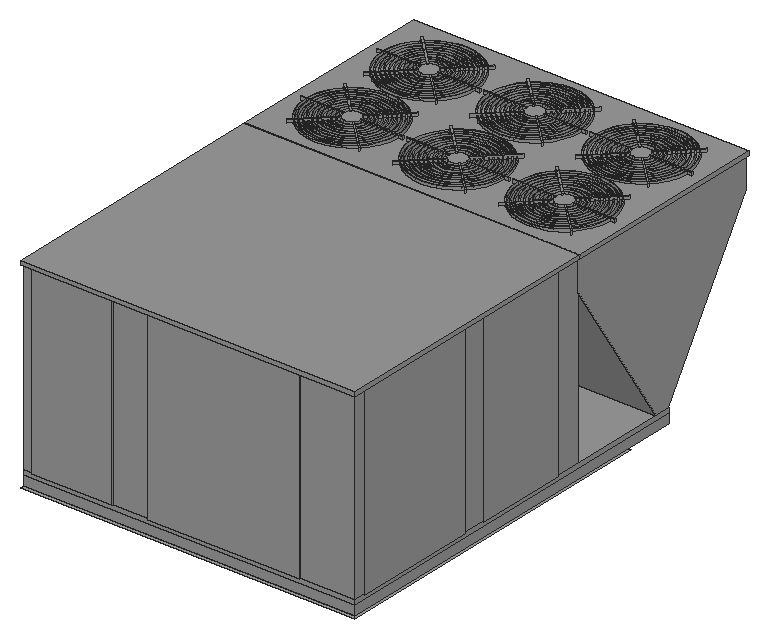
Revit family "RTU-1", category Mechanical Equipment, host Face, Revit 2025
Family settings
  Host = Face
  Round Connector Dimension = Use Diameter
  Classification = None
  Part Type = Normal
  Cut with Voids When Loaded = No
  Maintain Annotation Orientation = Yes
  Shared = No
  Room Calculation Point = No
Parameters (values of type "LCH 240 H4B K 1Y")
  URL = "https://tech.lennoxintl.com/C03e7o14l/VIu12Ch2uV/ehb_lch_cbox_2109.pdf"
  Model = "LCH 240 H4B K 1Y"
  Material = Aluminum 1100-O
  Manufacturer = "LENNOX"
  Grill Material = Steel, Paint Finish, Dark Gray
  Default Elevation = 48"
Reference planes (in)
  plane 1 "Center (Front/Back)": y = 0
  plane 2: z = 0
  plane 3 "Center (Left/Right)": x = 0
  plane 4: z = 45.1875
  plane 5: y = 48.375
  plane 6: x = -30.90625
  plane 7: x = -31.90625
  plane 8: x = -32.90625
  plane 9: x = -33.90625
  plane 10: x = -34.90625
  plane 11: x = -35.90625
  plane 12: x = -36.90625
  plane 13: x = -37.90625
  plane 14: x = -38.90625
  plane 15: x = -39.90625
  plane 16: x = -40.90625
  plane 17: x = -42.34375
  plane 18: x = -41.03125
  plane 19: x = -14.71875
  plane 20: x = -16.03125
  plane 21: through (-28.53125, 37.65625, 55) normal (-0.7071, -0.7071, 0)
  plane 22: through (-28.53125, 37.65625, 55) normal (-0.7071, 0.7071, 0)
  plane 23: through (-28.53125, 37.65625, 55) normal (0.7071, -0.7071, 0)
  plane 24: through (-28.53125, 37.65625, 55) normal (0.7071, 0.7071, 0)
  plane 25: through (-37.25023, 48.4711, 110.75) normal (0.7071, -0.7071, 0)
  plane 26: through (-37.37008, 46.49508, 110.75) normal (-0.7071, 0.7071, 0)
  plane 27: through (-19.81227, 48.4711, 110.75) normal (0.7071, 0.7071, 0)
  plane 28: through (-19.69242, 46.49508, 110.75) normal (-0.7071, -0.7071, 0)
  plane 29: through (-37.25023, 26.8414, 110.75) normal (-0.7071, -0.7071, 0)
  plane 30: through (-37.37008, 28.81742, 110.75) normal (0.7071, 0.7071, 0)
  plane 31: through (-19.81227, 26.8414, 110.75) normal (-0.7071, 0.7071, 0)
  plane 32: through (-19.69242, 28.81742, 110.75) normal (0.7071, -0.7071, 0)
  plane 33: x = -30.90625
  plane 34: x = -31.90625
  plane 35: x = -32.90625
  plane 36: x = -33.90625
  plane 37: x = -34.90625
  plane 38: x = -35.90625
  plane 39: x = -36.90625
  plane 40: x = -37.90625
  plane 41: x = -38.90625
  plane 42: x = -39.90625
  plane 43: x = -40.90625
  plane 44: x = -42.34375
  plane 45: x = -41.03125
  plane 46: x = -14.71875
  plane 47: x = -16.03125
  plane 48: through (-37.25023, 48.4711, 110.75) normal (0.7071, -0.7071, 0)
  plane 49: through (-37.37008, 46.49508, 110.75) normal (-0.7071, 0.7071, 0)
  plane 50: through (-19.81227, 48.4711, 110.75) normal (0.7071, 0.7071, 0)
  plane 51: through (-19.69242, 46.49508, 110.75) normal (-0.7071, -0.7071, 0)
  plane 52: through (-37.25023, 26.8414, 110.75) normal (-0.7071, -0.7071, 0)
  plane 53: through (-37.37008, 28.81742, 110.75) normal (0.7071, 0.7071, 0)
  plane 54: through (-19.81227, 26.8414, 110.75) normal (-0.7071, 0.7071, 0)
  plane 55: through (-19.69242, 28.81742, 110.75) normal (0.7071, -0.7071, 0)
  plane 56: x = -2.375
  plane 57: x = -3.375
  plane 58: x = -4.375
  plane 59: x = -5.375
  plane 60: x = -6.375
  plane 61: x = -7.375
  plane 62: x = -8.375
  plane 63: x = -9.375
  plane 64: x = -10.375
  plane 65: x = -11.375
  plane 66: x = -12.375
  plane 67: x = -13.8125
  plane 68: x = -12.5
  plane 69: x = 13.8125
  plane 70: x = 12.5
  plane 71: through (-8.71898, 48.4711, 110.75) normal (0.7071, -0.7071, 0)
  plane 72: through (-8.83883, 46.49508, 110.75) normal (-0.7071, 0.7071, 0)
  plane 73: through (8.71898, 48.4711, 110.75) normal (0.7071, 0.7071, 0)
  plane 74: through (8.83883, 46.49508, 110.75) normal (-0.7071, -0.7071, 0)
  plane 75: through (-8.71898, 26.8414, 110.75) normal (-0.7071, -0.7071, 0)
  plane 76: through (-8.83883, 28.81742, 110.75) normal (0.7071, 0.7071, 0)
  plane 77: through (8.71898, 26.8414, 110.75) normal (-0.7071, 0.7071, 0)
  plane 78: through (8.83883, 28.81742, 110.75) normal (0.7071, -0.7071, 0)
  plane 79: x = 26.15625
  plane 80: x = 25.15625
  plane 81: x = 24.15625
  plane 82: x = 23.15625
  plane 83: x = 22.15625
  plane 84: x = 21.15625
  plane 85: x = 20.15625
  plane 86: x = 19.15625
  plane 87: x = 18.15625
  plane 88: x = 17.15625
  plane 89: x = 16.15625
  plane 90: x = 14.71875
  plane 91: x = 16.03125
  plane 92: x = 42.34375
  plane 93: x = 41.03125
  plane 94: through (19.81227, 48.4711, 110.75) normal (0.7071, -0.7071, 0)
  plane 95: through (19.69242, 46.49508, 110.75) normal (-0.7071, 0.7071, 0)
  plane 96: through (37.25023, 48.4711, 110.75) normal (0.7071, 0.7071, 0)
  plane 97: through (37.37008, 46.49508, 110.75) normal (-0.7071, -0.7071, 0)
  plane 98: through (19.81227, 26.8414, 110.75) normal (-0.7071, -0.7071, 0)
  plane 99: through (19.69242, 28.81742, 110.75) normal (0.7071, 0.7071, 0)
  plane 100: through (37.25023, 26.8414, 110.75) normal (-0.7071, 0.7071, 0)
  plane 101: through (37.37008, 28.81742, 110.75) normal (0.7071, -0.7071, 0)
  plane 102: y = 52.625
  plane 103: y = 50.5
  plane 104: y = 22.25
  plane 105: y = 78.9375
  plane 106: y = 50.59375
  plane 107: x = -30.90625
  plane 108: x = -31.90625
  plane 109: x = -32.90625
  plane 110: x = -33.90625
  plane 111: x = -34.90625
  plane 112: x = -35.90625
  plane 113: x = -36.90625
  plane 114: x = -37.90625
  plane 115: x = -38.90625
  plane 116: x = -39.90625
  plane 117: x = -40.90625
  plane 118: x = -42.34375
  plane 119: x = -41.03125
  plane 120: x = -14.71875
  plane 121: x = -16.03125
  plane 122: through (-37.25023, 52.7164, 110.75) normal (-0.7071, -0.7071, 0)
  plane 123: through (-37.37008, 54.69242, 110.75) normal (0.7071, 0.7071, 0)
  plane 124: through (-19.81227, 52.7164, 110.75) normal (-0.7071, 0.7071, 0)
  plane 125: through (-19.69242, 54.69242, 110.75) normal (0.7071, -0.7071, 0)
  plane 126: through (-37.25023, 74.3461, 110.75) normal (0.7071, -0.7071, 0)
  plane 127: through (-37.37008, 72.37008, 110.75) normal (-0.7071, 0.7071, 0)
  plane 128: through (-19.81227, 74.3461, 110.75) normal (0.7071, 0.7071, 0)
  plane 129: through (-19.69242, 72.37008, 110.75) normal (-0.7071, -0.7071, 0)
  plane 130: x = -2.375
  plane 131: x = -3.375
  plane 132: x = -4.375
  plane 133: x = -5.375
  plane 134: x = -6.375
  plane 135: x = -7.375
  plane 136: x = -8.375
  plane 137: x = -9.375
  plane 138: x = -10.375
  plane 139: x = -11.375
  plane 140: x = -12.375
  plane 141: x = -13.8125
  plane 142: x = -12.5
  plane 143: x = 13.8125
  plane 144: x = 12.5
  plane 145: through (-8.71898, 52.7164, 110.75) normal (-0.7071, -0.7071, 0)
  plane 146: through (-8.83883, 54.69242, 110.75) normal (0.7071, 0.7071, 0)
  plane 147: through (8.71898, 52.7164, 110.75) normal (-0.7071, 0.7071, 0)
  plane 148: through (8.83883, 54.69242, 110.75) normal (0.7071, -0.7071, 0)
  plane 149: through (-8.71898, 74.3461, 110.75) normal (0.7071, -0.7071, 0)
  plane 150: through (-8.83883, 72.37008, 110.75) normal (-0.7071, 0.7071, 0)
  plane 151: through (8.71898, 74.3461, 110.75) normal (0.7071, 0.7071, 0)
  plane 152: through (8.83883, 72.37008, 110.75) normal (-0.7071, -0.7071, 0)
  plane 153: x = 26.15625
  plane 154: x = 25.15625
  plane 155: x = 24.15625
  plane 156: x = 23.15625
  plane 157: x = 22.15625
  plane 158: x = 21.15625
  plane 159: x = 20.15625
  plane 160: x = 19.15625
  plane 161: x = 18.15625
  plane 162: x = 17.15625
  plane 163: x = 16.15625
  plane 164: x = 14.71875
  plane 165: x = 16.03125
  plane 166: x = 42.34375
  plane 167: x = 41.03125
  plane 168: through (19.81227, 52.7164, 110.75) normal (-0.7071, -0.7071, 0)
  plane 169: through (19.69242, 54.69242, 110.75) normal (0.7071, 0.7071, 0)
  plane 170: through (37.25023, 52.7164, 110.75) normal (-0.7071, 0.7071, 0)
  plane 171: through (37.37008, 54.69242, 110.75) normal (0.7071, -0.7071, 0)
  plane 172: through (19.81227, 74.3461, 110.75) normal (0.7071, -0.7071, 0)
  plane 173: through (19.69242, 72.37008, 110.75) normal (-0.7071, 0.7071, 0)
  plane 174: through (37.25023, 74.3461, 110.75) normal (0.7071, 0.7071, 0)
  plane 175: through (37.37008, 72.37008, 110.75) normal (-0.7071, -0.7071, 0)
Forms (in)
  Extrusion 1, solid, material "Aluminum 1100-O" <- "Material"
    sketch origin (0, 0, 0) x (1, 0, 0) y (0, 1, 0)
      loop
        line (-44.5625, 22.25) -> (-44.5625, -52.75) -> (44.5625, -52.75) -> (44.5625, 22.25) -> (-44.5625, 22.25)
    from 4.125 to 53.5625
  Extrusion 2, solid, material "Aluminum 1100-O" <- "Material"
    sketch origin (0, 0, -50.125) x (1, 0, 0) y (0, 1, 0)
      loop
        line (-44.5625, 52.75) -> (-44.5625, -52.75) -> (44.5625, -52.75) -> (44.5625, 52.75) -> (-44.5625, 52.75)
    from 53.0625 to 54.25
  Extrusion 3, solid, material "Aluminum 1100-O" <- "Material"
    sketch origin (0, 0, -51.3125) x (1, 0, 0) y (0, 1, 0)
      loop
        line (-44.5625, 52.75) -> (-44.5625, -52.75) -> (44.5625, -52.75) -> (44.5625, 52.75) -> (-44.5625, 52.75)
    from 51.6875 to 54.25
  Blend 4, solid, material "Aluminum 1100-O" <- "Material"
    base sketch origin (0, 0, 0) x (1, 0, 0) y (0, 1, 0)
      loop
        line (-45.0625, 39.41026) -> (-45.0625, -53.25) -> (45.0625, -53.25) -> (45.0625, 39.41026) -> (-45.0625, 39.41026)
    top sketch origin (0, 0, 0) x (1, 0, 0) y (0, 1, 0)
      loop
        line (-44.5625, 38.91026) -> (-44.5625, -52.75) -> (44.5625, -52.75) -> (44.5625, 38.91026) -> (-44.5625, 38.91026)
    from 0 to 0.375
  Extrusion 5, solid, material "Aluminum 1100-O" <- "Material"
    sketch origin (0, 0, 0) x (0, 1, 0) y (0, 0, 1)
      loop
        line (48.375, 4.125) -> (52.625, 4.125) -> (78.75, 45.1875) -> (78.75, 53.5625) -> (22.25, 53.5625) -> (22.25, 45.1875) -> (48.375, 4.125)
    from -44.5625 to 44.5625
  Extrusion 6, solid, material "Aluminum 1100-O" <- "Material"
    sketch origin (0, 0, 0) x (1, 0, 0) y (0, 1, 0)
      loop
        line (-45.0625, 22.25) -> (-45.0625, -53.25) -> (45.0625, -53.25) -> (45.0625, 22.25) -> (-45.0625, 22.25)
    from 53.5625 to 54.625
  Extrusion 7, solid, material "Aluminum 1100-O" <- "Material"
    sketch origin (0, 75.3125, 0) x (1, 0, 0) y (0, 1, 0)
      loop
        line (-45.0625, 3.625) -> (-45.0625, -53.0625) -> (45.0625, -53.0625) -> (45.0625, 3.625) -> (-45.0625, 3.625)
    from 53.5625 to 54.625
  Extrusion 8, void
    sketch origin (-8.58719, -1.71744, 0) x (1, 0, 0) y (0, 1, 0)
      loop
        circle (8.58719, 39.37369) r 12.5
      loop
        circle (-19.94406, 39.37369) r 12.5
      loop
        circle (37.11844, 39.37369) r 12.5
    from 45.45857 to 54.625
  Extrusion 9, solid, material "Steel, Paint Finish, Dark Gray" <- "Grill Material"
    sketch origin (0, 101.1875, 54.625) x (1, 0, 0) y (0, 1, 0)
      loop
        circle (-28.53125, -63.53125) r 2.375
      loop
        circle (-28.53125, -63.53125) r 3.375
      loop
        circle (-28.53125, -63.53125) r 3.5
      loop
        circle (-28.53125, -63.53125) r 4.375
      loop
        circle (-28.53125, -63.53125) r 5.25
      loop
        circle (-28.53125, -63.53125) r 4.5
      loop
        circle (-28.53125, -63.53125) r 5.375
      loop
        circle (-28.53125, -63.53125) r 6.375
      loop
        circle (-28.53125, -63.53125) r 7.375
      loop
        circle (-28.53125, -63.53125) r 9.375
      loop
        circle (-28.53125, -63.53125) r 10.375
      loop
        circle (-28.53125, -63.53125) r 11.375
      loop
        circle (-28.53125, -63.53125) r 12.375
      loop
        circle (-28.53125, -63.53125) r 12.5
      loop
        circle (-28.53125, -63.53125) r 7.5
      loop
        circle (-28.53125, -63.53125) r 9.5
      loop
        circle (-28.53125, -63.53125) r 10.5
      loop
        circle (-28.53125, -63.53125) r 11.5
      loop
        circle (-28.53125, -63.53125) r 8.375
      loop
        circle (-28.53125, -63.53125) r 8.5
      loop
        circle (-28.53125, -63.53125) r 6.5
    from 0 to 0.625
  Extrusion 10, solid, material "Steel, Paint Finish, Dark Gray" <- "Grill Material"
    sketch origin (0, 101.1875, 55.75) x (1, 0, 0) y (0, 1, 0)
      loop
        line (-42.34375, -63.40625) -> (-42.34375, -63.65625) -> (-30.90296, -63.65625)
        arc (-30.90296, -63.65625) -> (-30.90543, -63.59377) -> (-30.90625, -63.53125) r 2.375
        arc (-30.90625, -63.53125) -> (-30.90543, -63.46873) -> (-30.90296, -63.40625) r 2.375
        line (-30.90296, -63.40625) -> (-42.34375, -63.40625)
    from -1.125 to -0.3427
  Extrusion 11, solid, material "Steel, Paint Finish, Dark Gray" <- "Grill Material"
    sketch origin (-57.0625, 101.1875, 55.75) x (-1, 0, 0) y (0, -1, 0)
      loop
        line (-42.34375, 63.40625) -> (-30.90296, 63.40625)
        arc (-30.90296, 63.40625) -> (-30.90543, 63.46873) -> (-30.90625, 63.53125) r 2.375
        arc (-30.90625, 63.53125) -> (-30.90543, 63.59377) -> (-30.90296, 63.65625) r 2.375
        line (-30.90296, 63.65625) -> (-42.34375, 63.65625) -> (-42.34375, 63.40625)
    from -1.125 to -0.3427
  Extrusion 12, solid, material "Steel, Paint Finish, Dark Gray" <- "Grill Material"
    sketch origin (-34.9836, 92.04212, 55.75) x (0.707107, -0.707107, 0) y (0.707107, 0.707107, 0)
      loop
        line (29.20662, -33.76912) -> (29.20662, -34.01912) -> (40.64741, -34.01912)
        arc (40.64741, -34.01912) -> (40.64494, -33.95664) -> (40.64412, -33.89412) r 2.375
        arc (40.64412, -33.89412) -> (40.64494, -33.8316) -> (40.64741, -33.76912) r 2.375
        line (40.64741, -33.76912) -> (29.20662, -33.76912)
    from -1.125 to -0.3427
  Extrusion 13, solid, material "Steel, Paint Finish, Dark Gray" <- "Grill Material"
    sketch origin (-22.0789, 92.04212, 55.75) x (-0.707107, -0.707107, 0) y (0.707107, -0.707107, 0)
      loop
        line (29.20662, 33.76912) -> (40.64741, 33.76912)
        arc (40.64741, 33.76912) -> (40.64494, 33.8316) -> (40.64412, 33.89412) r 2.375
        arc (40.64412, 33.89412) -> (40.64494, 33.95664) -> (40.64741, 34.01912) r 2.375
        line (40.64741, 34.01912) -> (29.20662, 34.01912) -> (29.20662, 33.76912)
    from -1.125 to -0.3427
  Extrusion 14, solid, material "Steel, Paint Finish, Dark Gray" <- "Grill Material"
    sketch origin (-34.9836, 185.64538, 55.75) x (0.707107, 0.707107, 0) y (-0.707107, 0.707107, 0)
      loop
        line (-113.89412, -109.33162) -> (-102.45333, -109.33162)
        arc (-102.45333, -109.33162) -> (-102.45579, -109.26914) -> (-102.45662, -109.20662) r 2.375
        arc (-102.45662, -109.20662) -> (-102.45579, -109.1441) -> (-102.45333, -109.08162) r 2.375
        line (-102.45333, -109.08162) -> (-113.89412, -109.08162) -> (-113.89412, -109.33162)
    from -1.125 to -0.3427
  Extrusion 15, solid, material "Steel, Paint Finish, Dark Gray" <- "Grill Material"
    sketch origin (-22.0789, 185.64538, 55.75) x (-0.707107, 0.707107, 0) y (-0.707107, -0.707107, 0)
      loop
        line (-113.89412, 109.33162) -> (-113.89412, 109.08162) -> (-102.45333, 109.08162)
        arc (-102.45333, 109.08162) -> (-102.45579, 109.1441) -> (-102.45662, 109.20662) r 2.375
        arc (-102.45662, 109.20662) -> (-102.45579, 109.26914) -> (-102.45333, 109.33162) r 2.375
        line (-102.45333, 109.33162) -> (-113.89412, 109.33162)
    from -1.125 to -0.3427
  Extrusion 16, solid, material "Steel, Paint Finish, Dark Gray" <- "Grill Material", not visible
    sketch origin (0, 101.1875, 54.625) x (1, 0, 0) y (0, 1, 0)
      loop
        circle (-28.53125, -63.53125) r 2.375
      loop
        circle (-28.53125, -63.53125) r 3.375
      loop
        circle (-28.53125, -63.53125) r 3.5
      loop
        circle (-28.53125, -63.53125) r 4.375
      loop
        circle (-28.53125, -63.53125) r 5.25
      loop
        circle (-28.53125, -63.53125) r 4.5
      loop
        circle (-28.53125, -63.53125) r 5.375
      loop
        circle (-28.53125, -63.53125) r 6.375
      loop
        circle (-28.53125, -63.53125) r 7.375
      loop
        circle (-28.53125, -63.53125) r 9.375
      loop
        circle (-28.53125, -63.53125) r 10.375
      loop
        circle (-28.53125, -63.53125) r 11.375
      loop
        circle (-28.53125, -63.53125) r 12.375
      loop
        circle (-28.53125, -63.53125) r 12.5
      loop
        circle (-28.53125, -63.53125) r 7.5
      loop
        circle (-28.53125, -63.53125) r 9.5
      loop
        circle (-28.53125, -63.53125) r 10.5
      loop
        circle (-28.53125, -63.53125) r 11.5
      loop
        circle (-28.53125, -63.53125) r 8.375
      loop
        circle (-28.53125, -63.53125) r 8.5
      loop
        circle (-28.53125, -63.53125) r 6.5
    from 0 to 0.625
  Extrusion 17, solid, material "Steel, Paint Finish, Dark Gray" <- "Grill Material", not visible
    sketch origin (0, 101.1875, 55.75) x (1, 0, 0) y (0, 1, 0)
      loop
        line (-42.34375, -63.40625) -> (-42.34375, -63.65625) -> (-30.90296, -63.65625)
        arc (-30.90296, -63.65625) -> (-30.90543, -63.59377) -> (-30.90625, -63.53125) r 2.375
        arc (-30.90625, -63.53125) -> (-30.90543, -63.46873) -> (-30.90296, -63.40625) r 2.375
        line (-30.90296, -63.40625) -> (-42.34375, -63.40625)
    from -1.125 to -0.3427
  Extrusion 18, solid, material "Steel, Paint Finish, Dark Gray" <- "Grill Material", not visible
    sketch origin (-57.0625, 101.1875, 55.75) x (-1, 0, 0) y (0, -1, 0)
      loop
        line (-42.34375, 63.40625) -> (-30.90296, 63.40625)
        arc (-30.90296, 63.40625) -> (-30.90543, 63.46873) -> (-30.90625, 63.53125) r 2.375
        arc (-30.90625, 63.53125) -> (-30.90543, 63.59377) -> (-30.90296, 63.65625) r 2.375
        line (-30.90296, 63.65625) -> (-42.34375, 63.65625) -> (-42.34375, 63.40625)
    from -1.125 to -0.3427
  Extrusion 19, solid, material "Steel, Paint Finish, Dark Gray" <- "Grill Material", not visible
    sketch origin (-34.9836, 92.04212, 55.75) x (0.707107, -0.707107, 0) y (0.707107, 0.707107, 0)
      loop
        line (29.20662, -33.76912) -> (29.20662, -34.01912) -> (40.64741, -34.01912)
        arc (40.64741, -34.01912) -> (40.64494, -33.95664) -> (40.64412, -33.89412) r 2.375
        arc (40.64412, -33.89412) -> (40.64494, -33.8316) -> (40.64741, -33.76912) r 2.375
        line (40.64741, -33.76912) -> (29.20662, -33.76912)
    from -1.125 to -0.3427
  Extrusion 20, solid, material "Steel, Paint Finish, Dark Gray" <- "Grill Material", not visible
    sketch origin (-22.0789, 92.04212, 55.75) x (-0.707107, -0.707107, 0) y (0.707107, -0.707107, 0)
      loop
        line (29.20662, 33.76912) -> (40.64741, 33.76912)
        arc (40.64741, 33.76912) -> (40.64494, 33.8316) -> (40.64412, 33.89412) r 2.375
        arc (40.64412, 33.89412) -> (40.64494, 33.95664) -> (40.64741, 34.01912) r 2.375
        line (40.64741, 34.01912) -> (29.20662, 34.01912) -> (29.20662, 33.76912)
    from -1.125 to -0.3427
  Extrusion 21, solid, material "Steel, Paint Finish, Dark Gray" <- "Grill Material", not visible
    sketch origin (-34.9836, 185.64538, 55.75) x (0.707107, 0.707107, 0) y (-0.707107, 0.707107, 0)
      loop
        line (-113.89412, -109.33162) -> (-102.45333, -109.33162)
        arc (-102.45333, -109.33162) -> (-102.45579, -109.26914) -> (-102.45662, -109.20662) r 2.375
        arc (-102.45662, -109.20662) -> (-102.45579, -109.1441) -> (-102.45333, -109.08162) r 2.375
        line (-102.45333, -109.08162) -> (-113.89412, -109.08162) -> (-113.89412, -109.33162)
    from -1.125 to -0.3427
  Extrusion 22, solid, material "Steel, Paint Finish, Dark Gray" <- "Grill Material", not visible
    sketch origin (-22.0789, 185.64538, 55.75) x (-0.707107, 0.707107, 0) y (-0.707107, -0.707107, 0)
      loop
        line (-113.89412, 109.33162) -> (-113.89412, 109.08162) -> (-102.45333, 109.08162)
        arc (-102.45333, 109.08162) -> (-102.45579, 109.1441) -> (-102.45662, 109.20662) r 2.375
        arc (-102.45662, 109.20662) -> (-102.45579, 109.26914) -> (-102.45333, 109.33162) r 2.375
        line (-102.45333, 109.33162) -> (-113.89412, 109.33162)
    from -1.125 to -0.3427
  Extrusion 23, solid, material "Steel, Paint Finish, Dark Gray" <- "Grill Material"
    sketch origin (28.53125, 101.1875, 54.625) x (1, 0, 0) y (0, 1, 0)
      loop
        circle (-28.53125, -63.53125) r 2.375
      loop
        circle (-28.53125, -63.53125) r 3.375
      loop
        circle (-28.53125, -63.53125) r 3.5
      loop
        circle (-28.53125, -63.53125) r 4.375
      loop
        circle (-28.53125, -63.53125) r 5.25
      loop
        circle (-28.53125, -63.53125) r 4.5
      loop
        circle (-28.53125, -63.53125) r 5.375
      loop
        circle (-28.53125, -63.53125) r 6.375
      loop
        circle (-28.53125, -63.53125) r 7.375
      loop
        circle (-28.53125, -63.53125) r 9.375
      loop
        circle (-28.53125, -63.53125) r 10.375
      loop
        circle (-28.53125, -63.53125) r 11.375
      loop
        circle (-28.53125, -63.53125) r 12.375
      loop
        circle (-28.53125, -63.53125) r 12.5
      loop
        circle (-28.53125, -63.53125) r 7.5
      loop
        circle (-28.53125, -63.53125) r 9.5
      loop
        circle (-28.53125, -63.53125) r 10.5
      loop
        circle (-28.53125, -63.53125) r 11.5
      loop
        circle (-28.53125, -63.53125) r 8.375
      loop
        circle (-28.53125, -63.53125) r 8.5
      loop
        circle (-28.53125, -63.53125) r 6.5
    from 0 to 0.625
  Extrusion 24, solid, material "Steel, Paint Finish, Dark Gray" <- "Grill Material"
    sketch origin (28.53125, 101.1875, 55.75) x (1, 0, 0) y (0, 1, 0)
      loop
        line (-42.34375, -63.40625) -> (-42.34375, -63.65625) -> (-30.90296, -63.65625)
        arc (-30.90296, -63.65625) -> (-30.90543, -63.59377) -> (-30.90625, -63.53125) r 2.375
        arc (-30.90625, -63.53125) -> (-30.90543, -63.46873) -> (-30.90296, -63.40625) r 2.375
        line (-30.90296, -63.40625) -> (-42.34375, -63.40625)
    from -1.125 to -0.3427
  Extrusion 25, solid, material "Steel, Paint Finish, Dark Gray" <- "Grill Material"
    sketch origin (-28.53125, 101.1875, 55.75) x (-1, 0, 0) y (0, -1, 0)
      loop
        line (-42.34375, 63.40625) -> (-30.90296, 63.40625)
        arc (-30.90296, 63.40625) -> (-30.90543, 63.46873) -> (-30.90625, 63.53125) r 2.375
        arc (-30.90625, 63.53125) -> (-30.90543, 63.59377) -> (-30.90296, 63.65625) r 2.375
        line (-30.90296, 63.65625) -> (-42.34375, 63.65625) -> (-42.34375, 63.40625)
    from -1.125 to -0.3427
  Extrusion 26, solid, material "Steel, Paint Finish, Dark Gray" <- "Grill Material"
    sketch origin (-6.45235, 92.04212, 55.75) x (0.707107, -0.707107, 0) y (0.707107, 0.707107, 0)
      loop
        line (29.20662, -33.76912) -> (29.20662, -34.01912) -> (40.64741, -34.01912)
        arc (40.64741, -34.01912) -> (40.64494, -33.95664) -> (40.64412, -33.89412) r 2.375
        arc (40.64412, -33.89412) -> (40.64494, -33.8316) -> (40.64741, -33.76912) r 2.375
        line (40.64741, -33.76912) -> (29.20662, -33.76912)
    from -1.125 to -0.3427
  Extrusion 27, solid, material "Steel, Paint Finish, Dark Gray" <- "Grill Material"
    sketch origin (6.45235, 92.04212, 55.75) x (-0.707107, -0.707107, 0) y (0.707107, -0.707107, 0)
      loop
        line (29.20662, 33.76912) -> (40.64741, 33.76912)
        arc (40.64741, 33.76912) -> (40.64494, 33.8316) -> (40.64412, 33.89412) r 2.375
        arc (40.64412, 33.89412) -> (40.64494, 33.95664) -> (40.64741, 34.01912) r 2.375
        line (40.64741, 34.01912) -> (29.20662, 34.01912) -> (29.20662, 33.76912)
    from -1.125 to -0.3427
  Extrusion 28, solid, material "Steel, Paint Finish, Dark Gray" <- "Grill Material"
    sketch origin (-6.45235, 185.64538, 55.75) x (0.707107, 0.707107, 0) y (-0.707107, 0.707107, 0)
      loop
        line (-113.89412, -109.33162) -> (-102.45333, -109.33162)
        arc (-102.45333, -109.33162) -> (-102.45579, -109.26914) -> (-102.45662, -109.20662) r 2.375
        arc (-102.45662, -109.20662) -> (-102.45579, -109.1441) -> (-102.45333, -109.08162) r 2.375
        line (-102.45333, -109.08162) -> (-113.89412, -109.08162) -> (-113.89412, -109.33162)
    from -1.125 to -0.3427
  Extrusion 29, solid, material "Steel, Paint Finish, Dark Gray" <- "Grill Material"
    sketch origin (6.45235, 185.64538, 55.75) x (-0.707107, 0.707107, 0) y (-0.707107, -0.707107, 0)
      loop
        line (-113.89412, 109.33162) -> (-113.89412, 109.08162) -> (-102.45333, 109.08162)
        arc (-102.45333, 109.08162) -> (-102.45579, 109.1441) -> (-102.45662, 109.20662) r 2.375
        arc (-102.45662, 109.20662) -> (-102.45579, 109.26914) -> (-102.45333, 109.33162) r 2.375
        line (-102.45333, 109.33162) -> (-113.89412, 109.33162)
    from -1.125 to -0.3427
  Extrusion 30, solid, material "Steel, Paint Finish, Dark Gray" <- "Grill Material"
    sketch origin (57.0625, 0, 54.625) x (1, 0, 0) y (0, 1, 0)
      loop
        circle (-28.53125, 37.65625) r 2.375
      loop
        circle (-28.53125, 37.65625) r 3.375
      loop
        circle (-28.53125, 37.65625) r 3.5
      loop
        circle (-28.53125, 37.65625) r 4.375
      loop
        circle (-28.53125, 37.65625) r 5.25
      loop
        circle (-28.53125, 37.65625) r 4.5
      loop
        circle (-28.53125, 37.65625) r 5.375
      loop
        circle (-28.53125, 37.65625) r 6.375
      loop
        circle (-28.53125, 37.65625) r 7.375
      loop
        circle (-28.53125, 37.65625) r 9.375
      loop
        circle (-28.53125, 37.65625) r 10.375
      loop
        circle (-28.53125, 37.65625) r 11.375
      loop
        circle (-28.53125, 37.65625) r 12.375
      loop
        circle (-28.53125, 37.65625) r 12.5
      loop
        circle (-28.53125, 37.65625) r 7.5
      loop
        circle (-28.53125, 37.65625) r 9.5
      loop
        circle (-28.53125, 37.65625) r 10.5
      loop
        circle (-28.53125, 37.65625) r 11.5
      loop
        circle (-28.53125, 37.65625) r 8.375
      loop
        circle (-28.53125, 37.65625) r 8.5
      loop
        circle (-28.53125, 37.65625) r 6.5
    from 0 to 0.625
  Extrusion 31, solid, material "Steel, Paint Finish, Dark Gray" <- "Grill Material"
    sketch origin (57.0625, 0, 55.75) x (1, 0, 0) y (0, 1, 0)
      loop
        line (-42.34375, 37.78125) -> (-42.34375, 37.53125) -> (-30.90296, 37.53125)
        arc (-30.90296, 37.53125) -> (-30.90543, 37.59373) -> (-30.90625, 37.65625) r 2.375
        arc (-30.90625, 37.65625) -> (-30.90543, 37.71877) -> (-30.90296, 37.78125) r 2.375
        line (-30.90296, 37.78125) -> (-42.34375, 37.78125)
    from -1.125 to -0.3427
  Extrusion 32, solid, material "Steel, Paint Finish, Dark Gray" <- "Grill Material"
    sketch origin (0, 0, 55.75) x (-1, 0, 0) y (0, -1, 0)
      loop
        line (-42.34375, -37.78125) -> (-30.90296, -37.78125)
        arc (-30.90296, -37.78125) -> (-30.90543, -37.71877) -> (-30.90625, -37.65625) r 2.375
        arc (-30.90625, -37.65625) -> (-30.90543, -37.59373) -> (-30.90296, -37.53125) r 2.375
        line (-30.90296, -37.53125) -> (-42.34375, -37.53125) -> (-42.34375, -37.78125)
    from -1.125 to -0.3427
  Extrusion 33, solid, material "Steel, Paint Finish, Dark Gray" <- "Grill Material"
    sketch origin (22.0789, -9.14538, 55.75) x (0.707107, -0.707107, 0) y (0.707107, 0.707107, 0)
      loop
        line (-42.34375, 37.78125) -> (-42.34375, 37.53125) -> (-30.90296, 37.53125)
        arc (-30.90296, 37.53125) -> (-30.90543, 37.59373) -> (-30.90625, 37.65625) r 2.375
        arc (-30.90625, 37.65625) -> (-30.90543, 37.71877) -> (-30.90296, 37.78125) r 2.375
        line (-30.90296, 37.78125) -> (-42.34375, 37.78125)
    from -1.125 to -0.3427
  Extrusion 34, solid, material "Steel, Paint Finish, Dark Gray" <- "Grill Material"
    sketch origin (34.9836, -9.14538, 55.75) x (-0.707107, -0.707107, 0) y (0.707107, -0.707107, 0)
      loop
        line (-42.34375, -37.78125) -> (-30.90296, -37.78125)
        arc (-30.90296, -37.78125) -> (-30.90543, -37.71877) -> (-30.90625, -37.65625) r 2.375
        arc (-30.90625, -37.65625) -> (-30.90543, -37.59373) -> (-30.90296, -37.53125) r 2.375
        line (-30.90296, -37.53125) -> (-42.34375, -37.53125) -> (-42.34375, -37.78125)
    from -1.125 to -0.3427
  Extrusion 35, solid, material "Steel, Paint Finish, Dark Gray" <- "Grill Material"
    sketch origin (22.0789, 84.45788, 55.75) x (0.707107, 0.707107, 0) y (-0.707107, 0.707107, 0)
      loop
        line (-42.34375, -37.78125) -> (-30.90296, -37.78125)
        arc (-30.90296, -37.78125) -> (-30.90543, -37.71877) -> (-30.90625, -37.65625) r 2.375
        arc (-30.90625, -37.65625) -> (-30.90543, -37.59373) -> (-30.90296, -37.53125) r 2.375
        line (-30.90296, -37.53125) -> (-42.34375, -37.53125) -> (-42.34375, -37.78125)
    from -1.125 to -0.3427
  Extrusion 36, solid, material "Steel, Paint Finish, Dark Gray" <- "Grill Material"
    sketch origin (34.9836, 84.45788, 55.75) x (-0.707107, 0.707107, 0) y (-0.707107, -0.707107, 0)
      loop
        line (-42.34375, 37.78125) -> (-42.34375, 37.53125) -> (-30.90296, 37.53125)
        arc (-30.90296, 37.53125) -> (-30.90543, 37.59373) -> (-30.90625, 37.65625) r 2.375
        arc (-30.90625, 37.65625) -> (-30.90543, 37.71877) -> (-30.90296, 37.78125) r 2.375
        line (-30.90296, 37.78125) -> (-42.34375, 37.78125)
    from -1.125 to -0.3427
  Extrusion 37, void
    sketch origin (0, 0, 0) x (1, 0, 0) y (0, 1, 0)
      loop
        line (-40.8125, 19.625) -> (-40.8125, -40.875) -> (-19.44507, -40.875) -> (-19.44507, 19.625) -> (-40.8125, 19.625)
      loop
        line (-1.44507, -12.875) -> (-1.44507, -40.875) -> (18.55493, -40.875) -> (18.55493, -12.875) -> (-1.44507, -12.875)
      loop
        line (-1.44507, 19.625) -> (-1.44507, -8.375) -> (18.55493, -8.375) -> (18.55493, 19.625) -> (-1.44507, 19.625)
      loop
        line (33.0625, -44.25) -> (33.0625, -49.25) -> (41.0625, -49.25) -> (41.0625, -44.25) -> (33.0625, -44.25)
    from 0 to 12
  Extrusion 38, solid, material "Steel, Paint Finish, Dark Gray" <- "Grill Material"
    sketch origin (0, 0, 54.625) x (1, 0, 0) y (0, 1, 0)
      loop
        circle (-28.53125, 63.53125) r 2.375
      loop
        circle (-28.53125, 63.53125) r 3.375
      loop
        circle (-28.53125, 63.53125) r 3.5
      loop
        circle (-28.53125, 63.53125) r 4.375
      loop
        circle (-28.53125, 63.53125) r 5.25
      loop
        circle (-28.53125, 63.53125) r 4.5
      loop
        circle (-28.53125, 63.53125) r 5.375
      loop
        circle (-28.53125, 63.53125) r 6.375
      loop
        circle (-28.53125, 63.53125) r 7.375
      loop
        circle (-28.53125, 63.53125) r 9.375
      loop
        circle (-28.53125, 63.53125) r 10.375
      loop
        circle (-28.53125, 63.53125) r 11.375
      loop
        circle (-28.53125, 63.53125) r 12.375
      loop
        circle (-28.53125, 63.53125) r 12.5
      loop
        circle (-28.53125, 63.53125) r 7.5
      loop
        circle (-28.53125, 63.53125) r 9.5
      loop
        circle (-28.53125, 63.53125) r 10.5
      loop
        circle (-28.53125, 63.53125) r 11.5
      loop
        circle (-28.53125, 63.53125) r 8.375
      loop
        circle (-28.53125, 63.53125) r 8.5
      loop
        circle (-28.53125, 63.53125) r 6.5
    from 0 to 0.625
  Extrusion 39, solid, material "Steel, Paint Finish, Dark Gray" <- "Grill Material"
    sketch origin (0, 0, 55.75) x (1, 0, 0) y (0, 1, 0)
      loop
        line (-42.34375, 63.40625) -> (-30.90296, 63.40625)
        arc (-30.90296, 63.40625) -> (-30.90543, 63.46873) -> (-30.90625, 63.53125) r 2.375
        arc (-30.90625, 63.53125) -> (-30.90543, 63.59377) -> (-30.90296, 63.65625) r 2.375
        line (-30.90296, 63.65625) -> (-42.34375, 63.65625) -> (-42.34375, 63.40625)
    from -1.125 to -0.3427
  Extrusion 40, solid, material "Steel, Paint Finish, Dark Gray" <- "Grill Material"
    sketch origin (-57.0625, 0, 55.75) x (-1, 0, 0) y (0, -1, 0)
      loop
        line (-42.34375, -63.40625) -> (-42.34375, -63.65625) -> (-30.90296, -63.65625)
        arc (-30.90296, -63.65625) -> (-30.90543, -63.59377) -> (-30.90625, -63.53125) r 2.375
        arc (-30.90625, -63.53125) -> (-30.90543, -63.46873) -> (-30.90296, -63.40625) r 2.375
        line (-30.90296, -63.40625) -> (-42.34375, -63.40625)
    from -1.125 to -0.3427
  Extrusion 41, solid, material "Steel, Paint Finish, Dark Gray" <- "Grill Material"
    sketch origin (-34.9836, -9.14538, 55.75) x (0.707107, -0.707107, 0) y (0.707107, 0.707107, 0)
      loop
        line (-46.70264, 42.14014) -> (-46.70264, 53.58093)
        arc (-46.70264, 53.58093) -> (-46.76512, 53.57846) -> (-46.82764, 53.57764) r 2.375
        arc (-46.82764, 53.57764) -> (-46.89016, 53.57846) -> (-46.95264, 53.58093) r 2.375
        line (-46.95264, 53.58093) -> (-46.95264, 42.14014) -> (-46.70264, 42.14014)
    from -1.125 to -0.3427
  Extrusion 42, solid, material "Steel, Paint Finish, Dark Gray" <- "Grill Material"
    sketch origin (-22.0789, -9.14538, 55.75) x (-0.707107, -0.707107, 0) y (0.707107, -0.707107, 0)
      loop
        line (-46.70264, -42.14014) -> (-46.95264, -42.14014) -> (-46.95264, -53.58093)
        arc (-46.95264, -53.58093) -> (-46.89016, -53.57846) -> (-46.82764, -53.57764) r 2.375
        arc (-46.82764, -53.57764) -> (-46.76512, -53.57846) -> (-46.70264, -53.58093) r 2.375
        line (-46.70264, -53.58093) -> (-46.70264, -42.14014)
    from -1.125 to -0.3427
  Extrusion 43, solid, material "Steel, Paint Finish, Dark Gray" <- "Grill Material"
    sketch origin (-34.9836, 84.45788, 55.75) x (0.707107, 0.707107, 0) y (-0.707107, 0.707107, 0)
      loop
        line (-10.10986, -5.54736) -> (-10.35986, -5.54736) -> (-10.35986, -16.98815)
        arc (-10.35986, -16.98815) -> (-10.29738, -16.98569) -> (-10.23486, -16.98486) r 2.375
        arc (-10.23486, -16.98486) -> (-10.17234, -16.98569) -> (-10.10986, -16.98815) r 2.375
        line (-10.10986, -16.98815) -> (-10.10986, -5.54736)
    from -1.125 to -0.3427
  Extrusion 44, solid, material "Steel, Paint Finish, Dark Gray" <- "Grill Material"
    sketch origin (-22.0789, 84.45788, 55.75) x (-0.707107, 0.707107, 0) y (-0.707107, -0.707107, 0)
      loop
        line (-10.10986, 5.54736) -> (-10.10986, 16.98815)
        arc (-10.10986, 16.98815) -> (-10.17234, 16.98569) -> (-10.23486, 16.98486) r 2.375
        arc (-10.23486, 16.98486) -> (-10.29738, 16.98569) -> (-10.35986, 16.98815) r 2.375
        line (-10.35986, 16.98815) -> (-10.35986, 5.54736) -> (-10.10986, 5.54736)
    from -1.125 to -0.3427
  Extrusion 45, solid, material "Steel, Paint Finish, Dark Gray" <- "Grill Material"
    sketch origin (28.53125, 0, 54.625) x (1, 0, 0) y (0, 1, 0)
      loop
        circle (-28.53125, 63.53125) r 2.375
      loop
        circle (-28.53125, 63.53125) r 3.375
      loop
        circle (-28.53125, 63.53125) r 3.5
      loop
        circle (-28.53125, 63.53125) r 4.375
      loop
        circle (-28.53125, 63.53125) r 5.25
      loop
        circle (-28.53125, 63.53125) r 4.5
      loop
        circle (-28.53125, 63.53125) r 5.375
      loop
        circle (-28.53125, 63.53125) r 6.375
      loop
        circle (-28.53125, 63.53125) r 7.375
      loop
        circle (-28.53125, 63.53125) r 9.375
      loop
        circle (-28.53125, 63.53125) r 10.375
      loop
        circle (-28.53125, 63.53125) r 11.375
      loop
        circle (-28.53125, 63.53125) r 12.375
      loop
        circle (-28.53125, 63.53125) r 12.5
      loop
        circle (-28.53125, 63.53125) r 7.5
      loop
        circle (-28.53125, 63.53125) r 9.5
      loop
        circle (-28.53125, 63.53125) r 10.5
      loop
        circle (-28.53125, 63.53125) r 11.5
      loop
        circle (-28.53125, 63.53125) r 8.375
      loop
        circle (-28.53125, 63.53125) r 8.5
      loop
        circle (-28.53125, 63.53125) r 6.5
    from 0 to 0.625
  Extrusion 46, solid, material "Steel, Paint Finish, Dark Gray" <- "Grill Material"
    sketch origin (28.53125, 0, 55.75) x (1, 0, 0) y (0, 1, 0)
      loop
        line (-42.34375, 63.40625) -> (-30.90296, 63.40625)
        arc (-30.90296, 63.40625) -> (-30.90543, 63.46873) -> (-30.90625, 63.53125) r 2.375
        arc (-30.90625, 63.53125) -> (-30.90543, 63.59377) -> (-30.90296, 63.65625) r 2.375
        line (-30.90296, 63.65625) -> (-42.34375, 63.65625) -> (-42.34375, 63.40625)
    from -1.125 to -0.3427
  Extrusion 47, solid, material "Steel, Paint Finish, Dark Gray" <- "Grill Material"
    sketch origin (-28.53125, 0, 55.75) x (-1, 0, 0) y (0, -1, 0)
      loop
        line (-42.34375, -63.40625) -> (-42.34375, -63.65625) -> (-30.90296, -63.65625)
        arc (-30.90296, -63.65625) -> (-30.90543, -63.59377) -> (-30.90625, -63.53125) r 2.375
        arc (-30.90625, -63.53125) -> (-30.90543, -63.46873) -> (-30.90296, -63.40625) r 2.375
        line (-30.90296, -63.40625) -> (-42.34375, -63.40625)
    from -1.125 to -0.3427
  Extrusion 48, solid, material "Steel, Paint Finish, Dark Gray" <- "Grill Material"
    sketch origin (-6.45235, -9.14538, 55.75) x (0.707107, -0.707107, 0) y (0.707107, 0.707107, 0)
      loop
        line (-46.70264, 42.14014) -> (-46.70264, 53.58093)
        arc (-46.70264, 53.58093) -> (-46.76512, 53.57846) -> (-46.82764, 53.57764) r 2.375
        arc (-46.82764, 53.57764) -> (-46.89016, 53.57846) -> (-46.95264, 53.58093) r 2.375
        line (-46.95264, 53.58093) -> (-46.95264, 42.14014) -> (-46.70264, 42.14014)
    from -1.125 to -0.3427
  Extrusion 49, solid, material "Steel, Paint Finish, Dark Gray" <- "Grill Material"
    sketch origin (6.45235, -9.14538, 55.75) x (-0.707107, -0.707107, 0) y (0.707107, -0.707107, 0)
      loop
        line (-46.70264, -42.14014) -> (-46.95264, -42.14014) -> (-46.95264, -53.58093)
        arc (-46.95264, -53.58093) -> (-46.89016, -53.57846) -> (-46.82764, -53.57764) r 2.375
        arc (-46.82764, -53.57764) -> (-46.76512, -53.57846) -> (-46.70264, -53.58093) r 2.375
        line (-46.70264, -53.58093) -> (-46.70264, -42.14014)
    from -1.125 to -0.3427
  Extrusion 50, solid, material "Steel, Paint Finish, Dark Gray" <- "Grill Material"
    sketch origin (-6.45235, 84.45788, 55.75) x (0.707107, 0.707107, 0) y (-0.707107, 0.707107, 0)
      loop
        line (-10.10986, -5.54736) -> (-10.35986, -5.54736) -> (-10.35986, -16.98815)
        arc (-10.35986, -16.98815) -> (-10.29738, -16.98569) -> (-10.23486, -16.98486) r 2.375
        arc (-10.23486, -16.98486) -> (-10.17234, -16.98569) -> (-10.10986, -16.98815) r 2.375
        line (-10.10986, -16.98815) -> (-10.10986, -5.54736)
    from -1.125 to -0.3427
  Extrusion 51, solid, material "Steel, Paint Finish, Dark Gray" <- "Grill Material"
    sketch origin (6.45235, 84.45788, 55.75) x (-0.707107, 0.707107, 0) y (-0.707107, -0.707107, 0)
      loop
        line (-10.10986, 5.54736) -> (-10.10986, 16.98815)
        arc (-10.10986, 16.98815) -> (-10.17234, 16.98569) -> (-10.23486, 16.98486) r 2.375
        arc (-10.23486, 16.98486) -> (-10.29738, 16.98569) -> (-10.35986, 16.98815) r 2.375
        line (-10.35986, 16.98815) -> (-10.35986, 5.54736) -> (-10.10986, 5.54736)
    from -1.125 to -0.3427
  Extrusion 52, solid, material "Steel, Paint Finish, Dark Gray" <- "Grill Material"
    sketch origin (57.0625, 0, 54.625) x (1, 0, 0) y (0, 1, 0)
      loop
        circle (-28.53125, 63.53125) r 2.375
      loop
        circle (-28.53125, 63.53125) r 3.375
      loop
        circle (-28.53125, 63.53125) r 3.5
      loop
        circle (-28.53125, 63.53125) r 4.375
      loop
        circle (-28.53125, 63.53125) r 5.25
      loop
        circle (-28.53125, 63.53125) r 4.5
      loop
        circle (-28.53125, 63.53125) r 5.375
      loop
        circle (-28.53125, 63.53125) r 6.375
      loop
        circle (-28.53125, 63.53125) r 7.375
      loop
        circle (-28.53125, 63.53125) r 9.375
      loop
        circle (-28.53125, 63.53125) r 10.375
      loop
        circle (-28.53125, 63.53125) r 11.375
      loop
        circle (-28.53125, 63.53125) r 12.375
      loop
        circle (-28.53125, 63.53125) r 12.5
      loop
        circle (-28.53125, 63.53125) r 7.5
      loop
        circle (-28.53125, 63.53125) r 9.5
      loop
        circle (-28.53125, 63.53125) r 10.5
      loop
        circle (-28.53125, 63.53125) r 11.5
      loop
        circle (-28.53125, 63.53125) r 8.375
      loop
        circle (-28.53125, 63.53125) r 8.5
      loop
        circle (-28.53125, 63.53125) r 6.5
    from 0 to 0.625
  Extrusion 53, solid, material "Steel, Paint Finish, Dark Gray" <- "Grill Material"
    sketch origin (57.0625, 0, 55.75) x (1, 0, 0) y (0, 1, 0)
      loop
        line (-42.34375, 63.40625) -> (-30.90296, 63.40625)
        arc (-30.90296, 63.40625) -> (-30.90543, 63.46873) -> (-30.90625, 63.53125) r 2.375
        arc (-30.90625, 63.53125) -> (-30.90543, 63.59377) -> (-30.90296, 63.65625) r 2.375
        line (-30.90296, 63.65625) -> (-42.34375, 63.65625) -> (-42.34375, 63.40625)
    from -1.125 to -0.3427
  Extrusion 54, solid, material "Steel, Paint Finish, Dark Gray" <- "Grill Material"
    sketch origin (0, 0, 55.75) x (-1, 0, 0) y (0, -1, 0)
      loop
        line (-42.34375, -63.40625) -> (-42.34375, -63.65625) -> (-30.90296, -63.65625)
        arc (-30.90296, -63.65625) -> (-30.90543, -63.59377) -> (-30.90625, -63.53125) r 2.375
        arc (-30.90625, -63.53125) -> (-30.90543, -63.46873) -> (-30.90296, -63.40625) r 2.375
        line (-30.90296, -63.40625) -> (-42.34375, -63.40625)
    from -1.125 to -0.3427
  Extrusion 55, solid, material "Steel, Paint Finish, Dark Gray" <- "Grill Material"
    sketch origin (22.0789, -9.14538, 55.75) x (0.707107, -0.707107, 0) y (0.707107, 0.707107, 0)
      loop
        line (-46.70264, 42.14014) -> (-46.70264, 53.58093)
        arc (-46.70264, 53.58093) -> (-46.76512, 53.57846) -> (-46.82764, 53.57764) r 2.375
        arc (-46.82764, 53.57764) -> (-46.89016, 53.57846) -> (-46.95264, 53.58093) r 2.375
        line (-46.95264, 53.58093) -> (-46.95264, 42.14014) -> (-46.70264, 42.14014)
    from -1.125 to -0.3427
  Extrusion 56, solid, material "Steel, Paint Finish, Dark Gray" <- "Grill Material"
    sketch origin (34.9836, -9.14538, 55.75) x (-0.707107, -0.707107, 0) y (0.707107, -0.707107, 0)
      loop
        line (-46.70264, -42.14014) -> (-46.95264, -42.14014) -> (-46.95264, -53.58093)
        arc (-46.95264, -53.58093) -> (-46.89016, -53.57846) -> (-46.82764, -53.57764) r 2.375
        arc (-46.82764, -53.57764) -> (-46.76512, -53.57846) -> (-46.70264, -53.58093) r 2.375
        line (-46.70264, -53.58093) -> (-46.70264, -42.14014)
    from -1.125 to -0.3427
  Extrusion 57, solid, material "Steel, Paint Finish, Dark Gray" <- "Grill Material"
    sketch origin (22.0789, 84.45788, 55.75) x (0.707107, 0.707107, 0) y (-0.707107, 0.707107, 0)
      loop
        line (-10.10986, -5.54736) -> (-10.35986, -5.54736) -> (-10.35986, -16.98815)
        arc (-10.35986, -16.98815) -> (-10.29738, -16.98569) -> (-10.23486, -16.98486) r 2.375
        arc (-10.23486, -16.98486) -> (-10.17234, -16.98569) -> (-10.10986, -16.98815) r 2.375
        line (-10.10986, -16.98815) -> (-10.10986, -5.54736)
    from -1.125 to -0.3427
  Extrusion 58, solid, material "Steel, Paint Finish, Dark Gray" <- "Grill Material"
    sketch origin (34.9836, 84.45788, 55.75) x (-0.707107, 0.707107, 0) y (-0.707107, -0.707107, 0)
      loop
        line (-10.10986, 5.54736) -> (-10.10986, 16.98815)
        arc (-10.10986, 16.98815) -> (-10.17234, 16.98569) -> (-10.23486, 16.98486) r 2.375
        arc (-10.23486, 16.98486) -> (-10.29738, 16.98569) -> (-10.35986, 16.98815) r 2.375
        line (-10.35986, 16.98815) -> (-10.35986, 5.54736) -> (-10.10986, 5.54736)
    from -1.125 to -0.3427
Cuts and joins
  Extrusion 8, Extrusion 37 cuts Extrusion 2
  Extrusion 8, Extrusion 37 cuts Extrusion 3
  Extrusion 8, Extrusion 37 cuts Blend 4
  Extrusion 8 cuts Extrusion 5
  Extrusion 8 cuts Extrusion 7
  Extrusion 37 cuts Extrusion 1
Dimensions and locks (in)
  equal spacing: Extrusion 1 sketch curve, plane 3 "Center (Left/Right)", Extrusion 1 sketch curve
  plane 3 "Center (Left/Right)" to Extrusion 1 sketch curve = 44 9/16"
  Extrusion 1 sketch curve to Extrusion 1 sketch curve = 89 1/8"
  plane 1 "Center (Front/Back)" to Extrusion 1 sketch curve = 52 3/4"
  Extrusion 1 sketch curve to Extrusion 1 sketch curve = 75"
  Extrusion 1 to nested 1 = 3 1/8"  (x2)
  nested 1 to nested 2 = 6 3/8"
  Extrusion 2 sketch curve to Extrusion 2 sketch curve = 89 1/8"  (x2)
  Extrusion 2 sketch curve to Extrusion 2 sketch curve = 105 1/2"  (x2)
  Extrusion 3 sketch curve to Extrusion 3 sketch curve = 89 1/8"  (x2)
  Extrusion 3 sketch curve to Extrusion 3 sketch curve = 105 1/2"  (x2)
  nested 1 to nested 1 = 33 1/2"
  cut or joined group of Extrusion 7, Extrusion 8 to cut or joined group of Extrusion 7, Extrusion 8 = 56 11/16"
  Extrusion 6 to Extrusion 37 sketch curve = 4 1/4"
  Extrusion 37 sketch curve to Extrusion 6 = 12 3/8"
  Extrusion 37 sketch curve to Extrusion 37 sketch curve = 60 1/2"
  Extrusion 6 to cut or joined group of Extrusion 7, Extrusion 8 = 132 3/16"
  plane 104 to Extrusion 6 = 75 1/2"
  plane 105 to Extrusion 6 = 132 3/16"
  equal spacing: plane 105, plane 106, plane 104
  aligned and locked: host face to plane 2
  aligned and locked: host face to level
Automatic sketch dimensions
  host sketch curve to host sketch curve = 306.31449"
  host sketch curve to host sketch curve = 326.2252"
  Extrusion 2 sketch curve to plane 3 "Center (Left/Right)" = 44 9/16"
  plane 1 "Center (Front/Back)" to Extrusion 2 sketch curve = 52 3/4"
  Extrusion 3 sketch curve to plane 3 "Center (Left/Right)" = 44 9/16"
  plane 1 "Center (Front/Back)" to Extrusion 3 sketch curve = 52 3/4"
  Blend 4 sketch curve to plane 3 "Center (Left/Right)" = 45 1/16"
  plane 3 "Center (Left/Right)" to Blend 4 sketch curve = 45 1/16"
  plane 1 "Center (Front/Back)" to Blend 4 sketch curve = 53 1/4"
  Blend 4 sketch curve to plane 106 = 11.18349"
  Blend 4 sketch curve to plane 3 "Center (Left/Right)" = 44 9/16"
  plane 3 "Center (Left/Right)" to Blend 4 sketch curve = 44 9/16"
  plane 1 "Center (Front/Back)" to Blend 4 sketch curve = 52 3/4"
  Blend 4 sketch curve to plane 106 = 11.68349"
  Extrusion 5 sketch curve to plane 4 = 0"
  Extrusion 5 sketch curve to plane 104 = 0"
  Extrusion 5 sketch curve to plane 5 = 0"
  Extrusion 5 sketch curve to plane 102 = 0"
  plane 4 to Extrusion 5 sketch curve = 0"
  Extrusion 5 sketch curve to plane 105 = 3/16"
  level to Extrusion 5 sketch curve = 4 1/8"
  Extrusion 5 sketch curve to Extrusion 5 sketch curve = 8 3/8"
  Extrusion 6 sketch curve to plane 104 = 0"
  Extrusion 6 sketch curve to plane 3 "Center (Left/Right)" = 45 1/16"
  plane 3 "Center (Left/Right)" to Extrusion 6 sketch curve = 45 1/16"
  plane 1 "Center (Front/Back)" to Extrusion 6 sketch curve = 53 1/4"
  Extrusion 7 sketch curve to plane 104 = 0"
  Extrusion 7 sketch curve to plane 105 = 0"
  Extrusion 7 sketch curve to plane 3 "Center (Left/Right)" = 45 1/16"
  plane 3 "Center (Left/Right)" to Extrusion 7 sketch curve = 45 1/16"
  plane 21 to Extrusion 8 sketch curve = 0"
  Extrusion 8 sketch curve to plane 22 = 0"
  Extrusion 8 sketch curve to plane 3 "Center (Left/Right)" = 0"
  Extrusion 8 sketch curve to Extrusion 8 sketch curve = 28 17/32"
  plane 104 to Extrusion 8 sketch curve = 15 13/32"  (x2)
  Extrusion 37 sketch curve to plane 3 "Center (Left/Right)" = 19.44507"
  Extrusion 37 sketch curve to plane 3 "Center (Left/Right)" = 1.44507"  (x2)
  Extrusion 37 sketch curve to plane 104 = 2 5/8"
  plane 3 "Center (Left/Right)" to Extrusion 37 sketch curve = 18.55493"
  Extrusion 37 sketch curve to Extrusion 37 sketch curve = 0"  (x2)
  Extrusion 37 sketch curve to Extrusion 37 sketch curve = 14.50757"
  Extrusion 37 sketch curve to Extrusion 37 sketch curve = 8"
  Extrusion 37 sketch curve to Extrusion 37 sketch curve = 3 3/8"
  Extrusion 37 sketch curve to Extrusion 37 sketch curve = 5"
  plane 1 "Center (Front/Back)" to Extrusion 37 sketch curve = 12 7/8"
  Extrusion 37 sketch curve to Extrusion 37 sketch curve = 4 1/2"
  Extrusion 52 sketch curve to Extrusion 52 sketch curve = 0"  (x420)
  Extrusion 52 sketch curve to plane 153 = 2 3/8"
  Extrusion 53 sketch curve to Extrusion 53 sketch curve = 0"  (x3)
  Extrusion 53 sketch curve to plane 164 = 0"
  Extrusion 53 sketch curve to plane 165 = 10.12829"
  Extrusion 53 sketch curve to Extrusion 53 sketch curve = 2.37171"
  Extrusion 53 sketch curve to Extrusion 53 sketch curve = 1/8"
  Extrusion 54 sketch curve to Extrusion 54 sketch curve = 0"  (x3)
  Extrusion 54 sketch curve to plane 166 = 0"
  Extrusion 54 sketch curve to plane 167 = 10.12829"
  Extrusion 54 sketch curve to Extrusion 54 sketch curve = 2.37171"
  Extrusion 54 sketch curve to Extrusion 54 sketch curve = 1/8"
  Extrusion 55 sketch curve to Extrusion 55 sketch curve = 0"  (x2)
  Extrusion 55 sketch curve to plane 168 = 0"
  Extrusion 55 sketch curve to Extrusion 55 sketch curve = 1/8"  (x2)
  Extrusion 55 sketch curve to plane 169 = 10.12829"
  Extrusion 55 sketch curve to Extrusion 55 sketch curve = 2.37171"
  Extrusion 56 sketch curve to Extrusion 56 sketch curve = 0"  (x2)
  Extrusion 56 sketch curve to plane 170 = 0"
  Extrusion 56 sketch curve to Extrusion 56 sketch curve = 1/8"  (x2)
  Extrusion 56 sketch curve to plane 171 = 10.12829"
  Extrusion 56 sketch curve to Extrusion 56 sketch curve = 2.37171"
  Extrusion 57 sketch curve to Extrusion 57 sketch curve = 0"  (x2)
  plane 172 to Extrusion 57 sketch curve = 0"
  Extrusion 57 sketch curve to Extrusion 57 sketch curve = 1/8"  (x2)
  Extrusion 57 sketch curve to plane 173 = 10.12829"
  Extrusion 57 sketch curve to Extrusion 57 sketch curve = 2.37171"
  Extrusion 58 sketch curve to Extrusion 58 sketch curve = 0"  (x2)
  plane 174 to Extrusion 58 sketch curve = 0"
  Extrusion 58 sketch curve to Extrusion 58 sketch curve = 1/8"  (x2)
  Extrusion 58 sketch curve to plane 175 = 10.12829"
  Extrusion 58 sketch curve to Extrusion 58 sketch curve = 2.37171"
  Extrusion 9 sketch curve to Extrusion 9 sketch curve = 0"  (x420)
  Extrusion 9 sketch curve to plane 6 = 2 3/8"
  Extrusion 10 sketch curve to Extrusion 10 sketch curve = 0"  (x3)
  Extrusion 10 sketch curve to plane 17 = 0"
  Extrusion 10 sketch curve to plane 18 = 10.12829"
  Extrusion 10 sketch curve to Extrusion 10 sketch curve = 2.37171"
  Extrusion 10 sketch curve to Extrusion 10 sketch curve = 1/8"
  Extrusion 11 sketch curve to Extrusion 11 sketch curve = 0"  (x3)
  Extrusion 11 sketch curve to plane 19 = 0"
  Extrusion 11 sketch curve to plane 20 = 10.12829"
  Extrusion 11 sketch curve to Extrusion 11 sketch curve = 2.37171"
  Extrusion 11 sketch curve to Extrusion 11 sketch curve = 1/8"
  Extrusion 12 sketch curve to Extrusion 12 sketch curve = 0"  (x2)
  Extrusion 12 sketch curve to plane 25 = 0"
  Extrusion 12 sketch curve to Extrusion 12 sketch curve = 2.37171"
  Extrusion 12 sketch curve to Extrusion 12 sketch curve = 0.00329"
  Extrusion 12 sketch curve to plane 26 = 10.12829"
  Extrusion 12 sketch curve to Extrusion 12 sketch curve = 1/8"
  Extrusion 13 sketch curve to Extrusion 13 sketch curve = 0"  (x2)
  Extrusion 13 sketch curve to plane 27 = 0"
  Extrusion 13 sketch curve to Extrusion 13 sketch curve = 2.37171"
  Extrusion 13 sketch curve to Extrusion 13 sketch curve = 0.00329"
  Extrusion 13 sketch curve to plane 28 = 10.12829"
  Extrusion 13 sketch curve to Extrusion 13 sketch curve = 1/8"
  Extrusion 14 sketch curve to Extrusion 14 sketch curve = 0"  (x2)
  plane 29 to Extrusion 14 sketch curve = 0"
  Extrusion 14 sketch curve to Extrusion 14 sketch curve = 2.37171"
  Extrusion 14 sketch curve to Extrusion 14 sketch curve = 0.00329"
  Extrusion 14 sketch curve to plane 30 = 10.12829"
  Extrusion 14 sketch curve to Extrusion 14 sketch curve = 1/8"
  Extrusion 15 sketch curve to Extrusion 15 sketch curve = 0"  (x2)
  plane 31 to Extrusion 15 sketch curve = 0"
  Extrusion 15 sketch curve to Extrusion 15 sketch curve = 2.37171"
  Extrusion 15 sketch curve to Extrusion 15 sketch curve = 0.00329"
  Extrusion 15 sketch curve to plane 32 = 10.12829"
  Extrusion 15 sketch curve to Extrusion 15 sketch curve = 1/8"
  Extrusion 16 sketch curve to Extrusion 16 sketch curve = 0"  (x420)
  Extrusion 16 sketch curve to plane 33 = 2 3/8"
  Extrusion 17 sketch curve to Extrusion 17 sketch curve = 0"  (x3)
  Extrusion 17 sketch curve to plane 44 = 0"
  Extrusion 17 sketch curve to plane 45 = 10.12829"
  Extrusion 17 sketch curve to Extrusion 17 sketch curve = 2.37171"
  Extrusion 17 sketch curve to Extrusion 17 sketch curve = 1/8"
  Extrusion 18 sketch curve to Extrusion 18 sketch curve = 0"  (x3)
  Extrusion 18 sketch curve to plane 46 = 0"
  Extrusion 18 sketch curve to plane 47 = 10.12829"
  Extrusion 18 sketch curve to Extrusion 18 sketch curve = 2.37171"
  Extrusion 18 sketch curve to Extrusion 18 sketch curve = 1/8"
  Extrusion 19 sketch curve to Extrusion 19 sketch curve = 0"  (x2)
  Extrusion 19 sketch curve to plane 48 = 0"
  Extrusion 19 sketch curve to Extrusion 19 sketch curve = 2.37171"
  Extrusion 19 sketch curve to Extrusion 19 sketch curve = 0.00329"
  Extrusion 19 sketch curve to plane 49 = 10.12829"
  Extrusion 19 sketch curve to Extrusion 19 sketch curve = 1/8"
  Extrusion 20 sketch curve to Extrusion 20 sketch curve = 0"  (x2)
  Extrusion 20 sketch curve to plane 50 = 0"
  Extrusion 20 sketch curve to Extrusion 20 sketch curve = 2.37171"
  Extrusion 20 sketch curve to Extrusion 20 sketch curve = 0.00329"
  Extrusion 20 sketch curve to plane 51 = 10.12829"
  Extrusion 20 sketch curve to Extrusion 20 sketch curve = 1/8"
  Extrusion 21 sketch curve to Extrusion 21 sketch curve = 0"  (x2)
  plane 52 to Extrusion 21 sketch curve = 0"
  Extrusion 21 sketch curve to Extrusion 21 sketch curve = 2.37171"
  Extrusion 21 sketch curve to Extrusion 21 sketch curve = 0.00329"
  Extrusion 21 sketch curve to plane 53 = 10.12829"
  Extrusion 21 sketch curve to Extrusion 21 sketch curve = 1/8"
  Extrusion 22 sketch curve to Extrusion 22 sketch curve = 0"  (x2)
  plane 54 to Extrusion 22 sketch curve = 0"
  Extrusion 22 sketch curve to Extrusion 22 sketch curve = 2.37171"
  Extrusion 22 sketch curve to Extrusion 22 sketch curve = 0.00329"
  Extrusion 22 sketch curve to plane 55 = 10.12829"
  Extrusion 22 sketch curve to Extrusion 22 sketch curve = 1/8"
  Extrusion 23 sketch curve to Extrusion 23 sketch curve = 0"  (x420)
  Extrusion 23 sketch curve to plane 56 = 2 3/8"
  Extrusion 24 sketch curve to Extrusion 24 sketch curve = 0"  (x3)
  Extrusion 24 sketch curve to plane 67 = 0"
  Extrusion 24 sketch curve to plane 68 = 10.12829"
  Extrusion 24 sketch curve to Extrusion 24 sketch curve = 2.37171"
  Extrusion 24 sketch curve to Extrusion 24 sketch curve = 1/8"
  Extrusion 25 sketch curve to Extrusion 25 sketch curve = 0"  (x3)
  Extrusion 25 sketch curve to plane 69 = 0"
  Extrusion 25 sketch curve to plane 70 = 10.12829"
  Extrusion 25 sketch curve to Extrusion 25 sketch curve = 2.37171"
  Extrusion 25 sketch curve to Extrusion 25 sketch curve = 1/8"
  Extrusion 26 sketch curve to Extrusion 26 sketch curve = 0"  (x2)
  Extrusion 26 sketch curve to plane 71 = 0"
  Extrusion 26 sketch curve to Extrusion 26 sketch curve = 2.37171"
  Extrusion 26 sketch curve to Extrusion 26 sketch curve = 0.00329"
  Extrusion 26 sketch curve to plane 72 = 10.12829"
  Extrusion 26 sketch curve to Extrusion 26 sketch curve = 1/8"
  Extrusion 27 sketch curve to Extrusion 27 sketch curve = 0"  (x2)
  Extrusion 27 sketch curve to plane 73 = 0"
  Extrusion 27 sketch curve to Extrusion 27 sketch curve = 2.37171"
  Extrusion 27 sketch curve to Extrusion 27 sketch curve = 0.00329"
  Extrusion 27 sketch curve to plane 74 = 10.12829"
  Extrusion 27 sketch curve to Extrusion 27 sketch curve = 1/8"
  Extrusion 28 sketch curve to Extrusion 28 sketch curve = 0"  (x2)
  plane 75 to Extrusion 28 sketch curve = 0"
  Extrusion 28 sketch curve to Extrusion 28 sketch curve = 2.37171"
  Extrusion 28 sketch curve to Extrusion 28 sketch curve = 0.00329"
  Extrusion 28 sketch curve to plane 76 = 10.12829"
  Extrusion 28 sketch curve to Extrusion 28 sketch curve = 1/8"
  Extrusion 29 sketch curve to Extrusion 29 sketch curve = 0"  (x2)
  plane 77 to Extrusion 29 sketch curve = 0"
  Extrusion 29 sketch curve to Extrusion 29 sketch curve = 2.37171"
  Extrusion 29 sketch curve to Extrusion 29 sketch curve = 0.00329"
  Extrusion 29 sketch curve to plane 78 = 10.12829"
  Extrusion 29 sketch curve to Extrusion 29 sketch curve = 1/8"
  Extrusion 30 sketch curve to Extrusion 30 sketch curve = 0"  (x420)
  Extrusion 30 sketch curve to plane 79 = 2 3/8"
  Extrusion 31 sketch curve to Extrusion 31 sketch curve = 0"  (x3)
  Extrusion 31 sketch curve to plane 90 = 0"
  Extrusion 31 sketch curve to plane 91 = 10.12829"
  Extrusion 31 sketch curve to Extrusion 31 sketch curve = 2.37171"
